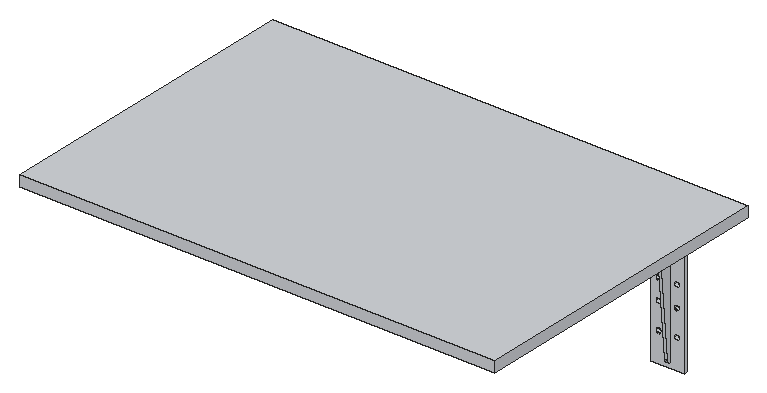
Revit family "IDP_Furniture_WKT992-HEAVY DUTY WORKBENCH", category Furniture, Revit 2026
Family settings
  Classification Number = 23.40.20.00
  Work Plane-Based = No
  Enable Cutting in Views = No
  Always vertical = Yes
  Cut with Voids When Loaded = No
  Render Appearance Source = Family Geometry
  Shared = Yes
  Room Calculation Point = No
Parameters (values of type "WKT992")
  WorktopWidth [instance] = 600 mm
  WorktopLength [instance] = 1200 mm
  WorktopHeight [instance] = 775 mm
  WorktopEdgeMtrl [instance] = BoycoLtd_Worktop_Edging-Blue
  WarrantyStartDate [instance] = "1900-12-31T23:59:59"
  WarrantyGuarantorParts = ""
  WarrantyGuarantorLabor = ""
  WarrantyDurationUnit = "year"
  WarrantyDurationParts = "10"
  WarrantyDurationLabor = "10"
  WarrantyDescription = "n/a"
  Version = ""
  UpstandMtrl [instance] = BoycoLtd_Worktop_Edging-Blue
  Uniclass2015_Pr = "Pr_40_30_30_96 : Worktops"
  Uniclass2015Version = ""
  Uniclass2015Reference = "Pr_40_30_30_78"
  Uniclass2015Description = ""
  URL = ""
  Type IFC Predefined Type = "WORKBENCH"
  TagNumber [instance] = "n/a"
  SustainabilityPerformance = "n/a"
  SupprtMtrl [instance] = BoycoLtd_Steel_NylonCoated_White
  Size = "User Defined"
  WorktopMtrl [instance] = BoycoLtd_Worktop_White
  SFG20 = ""
  RightUpstand [instance] = no
  RightEdging [instance] = no
  NoOfSupports [instance] = roundup((NominalLength - 200 mm) / 1200 mm) + 1  # 2
  NRM3 = ""
  NRM1 = ""
  NBSTypeID = ""
  NBSOfficeMasterTag = ""
  Model = "E1"
  MaximumWorktopLength [instance] = "3000mm"  # constant formula
  Shape = "Rectangular"
  SerialNumber [instance] = "n/a"
  Revision = ""
  ReplacementCost = "n/a"
  ProductInformation = ""
  NominalWidth [instance] = if(HasWaterfallTop, WorktopWidth + 25 mm, WorktopWidth)  # 600 mm
  NominalLength [instance] = if(and(HasWaterfallTop, LeftEdging, RightEdging), WorktopLength + 50 mm, if(and(HasWaterfallTop, RightEdging), WorktopLength + 25 mm, if(and(HasWaterfallTop, LeftEdging), WorktopLength + 25 mm, WorktopLength)))  # 1200 mm
  NominalHeight [instance] = WorktopHeight  # 775 mm
  Name = ""
  ModelReference = "Fixed leg to support heavy duty work bench"
  ModelNumber = "E1"
  Material = "25mm x 25mm steel tube c/w steel tubular worktop bearers"
  ManufacturerURL = ""
  ManufacturerName = ""
  Manufacturer = ""
  MainColor = Color  # "Various"
  LeftUpstand [instance] = no
  LeftEdging [instance] = no
  Keynote = ""
  Height = 0 mm
  HasWaterfallTop [instance] = no
  HasTrespaTop [instance] = no
  HasPostFormedBullnoseTop [instance] = yes
  HasEconoTop [instance] = no
  InstallationDate [instance] = "1900-12-31T23:59:59"
  IfcExportType = "WORKBENCH"
  IfcExportAs = "IfcFurnishingElementType"
  Grade = "n/a"
  Finish = ""
  Features = "n/a"
  Export Type to IFC As = "IfcFurnishingElementType"
  ExpectedLife = "10"
  DurationUnit = "year"
  Description = "HEAVY DUTY WORKBENCH"
  Default Elevation = 0 mm
  Constituents = "Nylon Coated Steel leg support, 25 x 25mm steel tube with choice of worktops"
  Color = "Various"
  CodePerformance = "n/a"
  Category = ""
  BarCode [instance] = "n/a"
  BackUpstand [instance] = no
  BIMObjectName = ""
  Author = ""
  AssetType = "Fixed"
  AssetIdentifier [instance] = "n/a"
  Assembly Code = ""
  AccessibilityPerformance = "n/a"
  ADBUserData1 = "R1"
  ADBGroup = "1"
  ADBDescription = "WORKTOP, heavy duty, stainless steel, with support brackets, length as shown, 600D"
  ADBCode = "WKT992"
Reference planes
  plane 1 "Back": y = 0
  plane 2: z = 0
  plane 3 "Left": x = 0
  plane 4: x = 1200
  plane 5: y = -600
  plane 6: x = 600
  plane 7 "LeftBracket": x = 100
  plane 8 "RightBracket": x = 1100
  plane 9: y = -600
Dimensions and locks
  "WorktopWidth": plane 5 to plane 1 "Back"
  "WorktopLength": plane 3 "Left" to plane 4
  equal spacing: plane 3 "Left", plane 6, plane 4
  locked: plane 3 "Left" to plane 7 "LeftBracket" at 100
  locked: plane 8 "RightBracket" to plane 4 at 100
  "NominalWidth": plane 9 to plane 1 "Back"
  group 1 to group 2 = 600 mm
  group 1 to group 2 = 0 mm  (x2)
  aligned and locked: level to plane 2
Nested families
  nested 1: "BRA904" at (181.5, 15.036, 433) x (0, -1, 0) z (0, 0, 1), type "BRA904"
  nested 2: "BRA904" at (781.5, 15.036, 433) x (0, -1, 0) z (0, 0, 1), type "BRA904"
  nested 3: "IDP_Furniture_SHE996-WALL MOUNTED SHELF" at (-1.5, -2, 737), type "SHE996"
    with width 900 mm, height 20 mm, depth 600 mm
Definition of nested family "BRA904"
  Parameters (values of type "BRA904")
    Default Elevation = 0 mm
    ADBGroup = "2"
    ADBDescription = "BRACKET, single, CPU, under desk mounted"
    ADBCode = "BRA931"
  Reference planes
    plane 1 "Center (Front/Back)": y = 0
    plane 2: z = 0
    plane 3 "Center (Left/Right)": x = 0
  Forms (mm)
    Extrusion 1, solid
      sketch origin (370.636, 0, 304) x (1, 0, 0) y (0, 0, 1)
        loop
          line (152.4, 0) -> (-353.6, 0)
          arc (-353.6, 0) -> (-355.014, -0.586) -> (-355.6, -2) r 2
          line (-355.6, -2) -> (-355.6, -304) -> (-349.6, -304) -> (-349.6, -6) -> (152.4, -6) -> (152.4, 0)
      from 0 to 63
    Extrusion 2, solid
      sketch origin (370.636, -27.5, 304) x (1, 0, 0) y (0, 0, 1)
        loop
          line (-349.6, -6) -> (-349.6, -294)
          arc (-349.6, -294) -> (-346.316, -293) -> (-344.721, -289.96) r 4.45
          line (-344.721, -289.96) -> (-326.078, -76.865)
          arc (-326.078, -76.865) -> (-289.886, -43.212) -> (-241.998, -31) r 100
          line (-241.998, -31) -> (91.76, -31)
          arc (91.76, -31) -> (108.981, -27.575) -> (123.58, -17.82) r 45
          line (123.58, -17.82) -> (135.4, -6) -> (-349.6, -6)
      from 0 to 6
    Extrusion 3, void
      sketch origin (363.404, 0, 293.589) x (0, 1, 0) y (0, 0, 1)
        loop
          circle (-12.78, -46.716) r 5
        loop
          circle (-48.22, -46.716) r 5
        loop
          circle (-12.78, -96.716) r 5
        loop
          circle (-48.22, -96.716) r 5
        loop
          circle (-12.78, -146.716) r 5
        loop
          circle (-48.22, -146.716) r 5
      from -355.6 to -328.459
    Extrusion 4, void
      sketch origin (363.404, 0, 153.589) x (0, 1, 0) y (0, 0, 1)
        loop
          circle (-12.78, -46.716) r 5
        loop
          circle (-48.22, -46.716) r 5
        loop
          circle (-12.78, -96.716) r 5
        loop
          circle (-48.22, -96.716) r 5
      from -355.6 to -328.459
  Cuts and joins
    Extrusion 3, Extrusion 4 cuts Extrusion 1
Definition of nested family "IDP_Furniture_SHE996-WALL MOUNTED SHELF"
  Parameters (values of type "SHE996")
    width [instance] = 1800 mm
    height [instance] = 20 mm
    depth [instance] = 550 mm
    Uniclass2015_Pr = "Pr_40_30_78_77 : Shelf units"
    SFG20 = ""
    NRM3 = ""
    NRM1 = ""
    Keynote = ""
    Height = 0 mm
    Description = "WALL MOUNTED SHELF"
    Default Elevation = 0 mm
    ADBUserData1 = "R1"
    ADBGroup = "1"
    ADBDescription = "SHELF, wall mounted, length as shown"
    ADBCode = "SHE996"
  Reference planes
    plane 1 "Center (Front/Back)": y = 0
    plane 2: z = 0
    plane 3 "Center (Left/Right)": x = 0
  Forms (mm)
    Extrusion 1, solid
      sketch origin (1820, 0, -15) x (1, 0, 0) y (0, 0, 1)
        loop
          line (-1820, 15) -> (-20, 15) -> (-20, 35) -> (-1820, 35) -> (-1820, 15)
      from 0 to 550 <- "depth"
  Dimensions and locks
    "height": Extrusion 1 to level
    "width": Extrusion 1 to Extrusion 1
  Automatic sketch dimensions
    Extrusion 1 sketch curve to plane 3 "Center (Left/Right)" = 0 mm
    Extrusion 1 sketch curve to level = 0 mm
    plane 3 "Center (Left/Right)" to Extrusion 1 sketch curve = 1800 mm
    level to Extrusion 1 sketch curve = 20 mm
